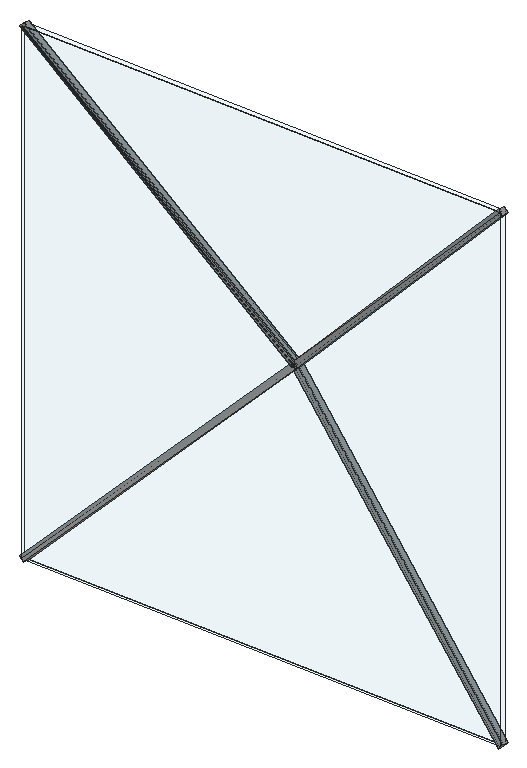
Revit family "Curtain Wall Panel Pyramid 4m sq", category Curtain Panels, Revit 2016
Family settings
  OmniClass Number = 23.25.20.14.11.11.17
  OmniClass Title = Infill Panels
  Always vertical = Yes
  Cut with Voids When Loaded = No
  Shared = No
Parameters
  Width = 4000 mm
  Panel Material = Glass
  Height = 4000 mm
  Frame Material = Aluminium
  Analytic Construction = "<None>"
Reference planes
  plane 1 "Center (Front/Back)": y = 0
  plane 2: z = 0
  plane 3 "Center (Left/Right)": x = 0
  plane 4 "Left": x = -2000
  plane 5 "Right": x = 2000
  plane 6 "Top": z = 4000
Forms (mm)
  Sweep 1, solid, material "Glass" <- "Panel Material"
    path origin (0, 0, 0) x (0, 1, 0) y (0, 0, 1)
      loop
        line (212.253, 3000) -> (172.834, 2993.21)
    profile origin (0, 192.543, 2996.605) x (0, 0.169753, -0.985487) y (1, 0, 0)
      loop
        line (-1017.822, -1996.296) -> (976.059, 2.423) -> (-1017.822, 1996.305) -> (-1017.822, -1996.296)
  Sweep 2, solid, material "Glass" <- "Panel Material"
    path origin (1993.21, 0, 0) x (0, 1, 0) y (-1, 0, 0)
      loop
        line (212.253, 3000) -> (172.834, 2993.21)
    profile origin (-1003.395, 192.543, 0) x (0.985487, 0.169753, 0) y (0, 0, 1)
      loop
        line (-1014.826, 3986.637) -> (-1014.826, -0.218) -> (1014.727, 1993.21) -> (-1014.826, 3986.637)
  Sweep 3, solid, material "Glass" <- "Panel Material"
    path origin (0, 0, 3986.42) x (0, 1, 0) y (0, 0, -1)
      loop
        line (212.253, 3000) -> (172.834, 2993.21)
    profile origin (0, 192.543, 989.815) x (0, 0.169753, 0.985487) y (-1, 0, 0)
      loop
        line (-1012.754, 1991.393) -> (-1012.754, -1991.393) -> (1014.727, 0) -> (-1012.754, 1991.393)
  Sweep 4, solid, material "Glass" <- "Panel Material"
    path origin (-1993.21, 0, 0) x (1, 0, 0) y (0, 1, 0)
      loop
        line (3000, 212.253) -> (2993.21, 172.834)
    profile origin (1003.395, 192.543, 0) x (0.985487, -0.169753, 0) y (0, 0, 1)
      loop
        line (1016.814, -2.171) -> (1016.814, 3988.591) -> (-1014.727, 1993.21) -> (1016.814, -2.171)
  SweptBlend 5, solid, material "Aluminium" <- "Frame Material"
    path origin (0, 0, 0) x (1, 0, 0) y (0, 0, 1)
      loop
        line (2000, 4000) -> (0.152, 2000.152)
    profile origin (2000, 0, 4000) x (0.707107, 0, -0.707107) y (0, -1, 0)
      loop
        line (-25, 0) -> (-25, -50) -> (25, -50) -> (25, 0) -> (-25, 0)
    end profile origin (0.152, 0, 2000.152) x (0.707107, 0, -0.707107) y (0, -1, 0)
      loop
        line (25, -344.501) -> (-25, -344.501) -> (-25, -394.501) -> (25, -394.501) -> (25, -344.501)
  SweptBlend 6, solid, material "Aluminium" <- "Frame Material"
    path origin (2000, 0, 2000) x (0, 0, 1) y (-1, 0, 0)
      loop
        line (2000, 4000) -> (0.152, 2000.152)
    profile origin (-2000, 0, 4000) x (0.707107, 0, 0.707107) y (0, -1, 0)
      loop
        line (-25, 0) -> (-25, -50) -> (25, -50) -> (25, 0) -> (-25, 0)
    end profile origin (-0.152, 0, 2000.152) x (0.707107, 0, 0.707107) y (0, -1, 0)
      loop
        line (25, -344.501) -> (-25, -344.501) -> (-25, -394.501) -> (25, -394.501) -> (25, -344.501)
  SweptBlend 7, solid, material "Aluminium" <- "Frame Material"
    path origin (0, 0, 4000) x (-1, 0, 0) y (0, 0, -1)
      loop
        line (2000, 4000) -> (0.152, 2000.152)
    profile origin (-2000, 0, 0) x (-0.707107, 0, 0.707107) y (0, -1, 0)
      loop
        line (-25, 0) -> (-25, -50) -> (25, -50) -> (25, 0) -> (-25, 0)
    end profile origin (-0.152, 0, 1999.848) x (-0.707107, 0, 0.707107) y (0, -1, 0)
      loop
        line (25, -344.501) -> (-25, -344.501) -> (-25, -394.501) -> (25, -394.501) -> (25, -344.501)
  SweptBlend 8, solid, material "Aluminium" <- "Frame Material"
    path origin (-2000, 0, 2000) x (0, 0, -1) y (1, 0, 0)
      loop
        line (2000, 4000) -> (0.152, 2000.152)
    profile origin (2000, 0, 0) x (-0.707107, 0, -0.707107) y (0, -1, 0)
      loop
        line (-25, 0) -> (-25, -50) -> (25, -50) -> (25, 0) -> (-25, 0)
    end profile origin (0.152, 0, 1999.848) x (-0.707107, 0, -0.707107) y (0, -1, 0)
      loop
        line (25, -344.501) -> (-25, -344.501) -> (-25, -394.501) -> (25, -394.501) -> (25, -344.501)
Lines and regions (mm)
  reference lines
    curve 1: line (-2000, 0, 0) -> (-2000, 0, 4000)
Text (mm)
  text "Exterior" at (-2351.972, 1416.179, 0), in view "Ref. Level"
  text "Exterior" at (0, 2290.741, 4406.713), in view "Left"
  text "Exterior" at (0, 1328.187, 4120.349), in view "Right"
Dimensions and locks
  equal spacing: plane 4 "Left", plane 3 "Center (Left/Right)", plane 5 "Right"
  "Height": plane 2 to plane 6 "Top"
  "Width": plane 4 "Left" to plane 5 "Right"
  aligned and locked: level to plane 2
Automatic sketch dimensions
  Sweep 1 sketch curve to Sweep 1 sketch curve = 39.419 mm
  Sweep 1 sketch curve to Sweep 1 sketch curve = 6.79 mm
  Sweep 2 sketch curve to Sweep 2 sketch curve = 39.419 mm
  Sweep 2 sketch curve to Sweep 2 sketch curve = 6.79 mm
  Sweep 3 sketch curve to Sweep 3 sketch curve = 39.419 mm
  Sweep 3 sketch curve to Sweep 3 sketch curve = 6.79 mm
  Sweep 4 sketch curve to Sweep 4 sketch curve = 39.419 mm
  Sweep 4 sketch curve to Sweep 4 sketch curve = 6.79 mm
  Sweep 4 sketch curve to plane 1 "Center (Front/Back)" = 172.834 mm
  plane 3 "Center (Left/Right)" to Sweep 4 sketch curve = 1000 mm
  Sweep 3 sketch curve to plane 1 "Center (Front/Back)" = 172.834 mm
  level to Sweep 3 sketch curve = 993.21 mm
  Sweep 2 sketch curve to plane 1 "Center (Front/Back)" = 172.834 mm
  Sweep 2 sketch curve to plane 3 "Center (Left/Right)" = 1000 mm
  Sweep 1 sketch curve to plane 1 "Center (Front/Back)" = 172.834 mm
  plane 6 "Top" to Sweep 1 sketch curve = 1006.79 mm
  profile plane to SweptBlend 5 sketch curve = 25 mm  (x2)
  SweptBlend 5 sketch curve to profile plane = 25 mm  (x2)
  SweptBlend 5 sketch curve to SweptBlend 5 sketch curve = 50 mm
  SweptBlend 5 sketch curve to SweptBlend 5 sketch curve = 1999.848 mm  (x2)
  SweptBlend 5 sketch curve to profile plane = 0 mm
  SweptBlend 5 sketch curve to profile plane = 50 mm
  SweptBlend 5 sketch curve to profile plane = 394.501 mm
  profile plane to SweptBlend 6 sketch curve = 25 mm  (x2)
  SweptBlend 6 sketch curve to profile plane = 25 mm  (x2)
  SweptBlend 6 sketch curve to SweptBlend 6 sketch curve = 50 mm
  SweptBlend 6 sketch curve to SweptBlend 6 sketch curve = 1999.848 mm  (x2)
  SweptBlend 6 sketch curve to profile plane = 0 mm
  SweptBlend 6 sketch curve to profile plane = 50 mm
  SweptBlend 6 sketch curve to profile plane = 394.501 mm
  profile plane to SweptBlend 7 sketch curve = 25 mm  (x2)
  SweptBlend 7 sketch curve to profile plane = 25 mm  (x2)
  SweptBlend 7 sketch curve to SweptBlend 7 sketch curve = 50 mm
  SweptBlend 7 sketch curve to SweptBlend 7 sketch curve = 1999.848 mm  (x2)
  SweptBlend 7 sketch curve to profile plane = 0 mm
  SweptBlend 7 sketch curve to profile plane = 50 mm
  SweptBlend 7 sketch curve to profile plane = 394.501 mm
  profile plane to SweptBlend 8 sketch curve = 25 mm  (x2)
  SweptBlend 8 sketch curve to profile plane = 25 mm  (x2)
  SweptBlend 8 sketch curve to SweptBlend 8 sketch curve = 50 mm
  SweptBlend 8 sketch curve to SweptBlend 8 sketch curve = 1999.848 mm  (x2)
  SweptBlend 8 sketch curve to profile plane = 0 mm
  SweptBlend 8 sketch curve to profile plane = 50 mm
  SweptBlend 8 sketch curve to profile plane = 394.501 mm
  plane 5 "Right" to SweptBlend 5 sketch curve = 0 mm
  SweptBlend 5 sketch curve to plane 6 "Top" = 0 mm
  plane 4 "Left" to SweptBlend 6 sketch curve = 0 mm
  SweptBlend 6 sketch curve to plane 6 "Top" = 0 mm
  SweptBlend 8 sketch curve to level = 0 mm
  plane 5 "Right" to SweptBlend 8 sketch curve = 0 mm
  SweptBlend 7 sketch curve to level = 0 mm
  plane 4 "Left" to SweptBlend 7 sketch curve = 0 mm
  profile plane to Sweep 1 sketch curve = 1017.822 mm
  plane 3 "Center (Left/Right)" to Sweep 1 sketch curve = 2.423 mm
  Sweep 1 sketch curve to profile plane = 976.059 mm
  Sweep 1 sketch curve to plane 3 "Center (Left/Right)" = 1996.296 mm
  plane 3 "Center (Left/Right)" to Sweep 1 sketch curve = 1996.305 mm
  profile plane to Sweep 4 sketch curve = 1014.727 mm
  Sweep 4 sketch curve to profile plane = 1016.814 mm
  Sweep 4 sketch curve to profile plane = 2.171 mm
  profile plane to Sweep 4 sketch curve = 1993.21 mm
  Sweep 4 sketch curve to Sweep 4 sketch curve = 1995.381 mm
  profile plane to Sweep 2 sketch curve = 1014.826 mm
  Sweep 2 sketch curve to profile plane = 1014.727 mm
  Sweep 2 sketch curve to profile plane = 0.218 mm
  profile plane to Sweep 2 sketch curve = 1993.21 mm
  Sweep 2 sketch curve to Sweep 2 sketch curve = 1993.428 mm
  Sweep 3 sketch curve to profile plane = 0 mm
  profile plane to Sweep 3 sketch curve = 1012.754 mm
  Sweep 3 sketch curve to profile plane = 1014.727 mm
  Sweep 3 sketch curve to profile plane = 1991.393 mm
  profile plane to Sweep 3 sketch curve = 1991.393 mm
  plane 4 "Left" to curve 1 = 0 mm
  curve 1 to level = 0 mm
  curve 1 to plane 6 "Top" = 0 mm
